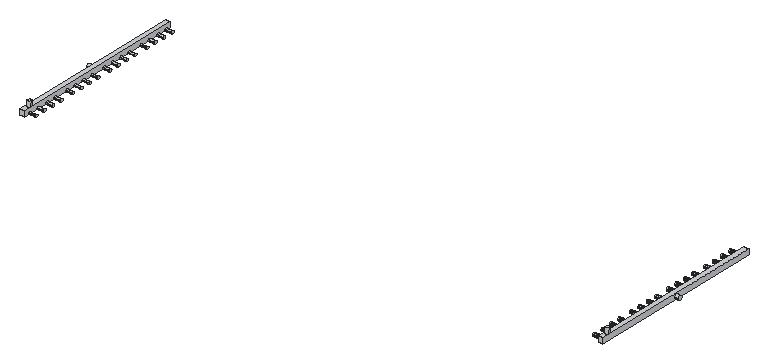
Revit family "INFRA_AQUA_ECO_CONNECTOR_TYPE_4", category Mechanical Equipment, Revit 2015
Parameters (values of type "Type 4 L=4000")
  URL = "http://www.markclimate.co.uk/radiant-heating/water-supplied/infra-aqua-eco/"
  Type_index = 16
  Thickness = 30 mm
  Width = 1300 mm
  Pressure_loss = 0.0 psi
  Medium_overtemp_num [instance] = Average_water_temperature °C - Area_temperature °C  # 36
  Manufacturer = "MARK Climate Technology"  # constant formula
  Lookup_table_name [instance] = "Warmteafgiftetabel"  # constant formula
  Length = 4000 mm
  K [instance] = Average_water_temperature °C - Area_temperature °C  # 36
  Height = 40 mm
  Heating_output_num [instance] = size_lookup(Lookup_table_name, "PHR4", 0, Medium_overtemp_num)  # 480
  Heating_output [instance] = Length / 1000 mm * Heating_output_num * 1 W  # 1920 W
  Flow = Type_index * 0.04 L/s  # 0.64 L/s
  Drain_point [instance] = yes
  Description = "Connector type 4"  # constant formula
  Average_water_temperature °C [instance] = 54
  Area_temperature °C [instance] = 18
Types (3, lengths in mm): name | Length | Heating_output
  (no name) | 4000 | 1920 W
  Type 4 L=4000 | 4000 | 1920 W
  Type 4 L=6000 | 6000 | 2880 W
Reference planes
  plane 1 "Center (Front/Back)": y = 0
  plane 2: z = 0
  plane 3 "Center (Left/Right)": x = 0
  plane 4: y = 38.85
  plane 5: y = 113.9
  plane 6: y = -36.15
  plane 7: y = -111.15
  plane 8: y = 497
  plane 9: y = -92.5
  plane 10: x = 30
  plane 11: y = 1147
  plane 12: y = -153
  plane 13: z = 28
  plane 14: z = -12
  plane 15: x = 82.5
  plane 16: x = 4082.5
  plane 17: x = 4135
  plane 18: x = 4165
  plane 19: z = -3.6
  plane 20: y = 443.9
  plane 21: y = 368.9
  plane 22: y = 293.9
  plane 23: y = 218.9
  plane 24: y = 775.2
  plane 25: y = 700.2
  plane 26: y = 625.2
  plane 27: y = 550.2
  plane 28: y = 1106.5
  plane 29: y = 1031.5
  plane 30: y = 956.5
  plane 31: y = 881.5
Forms (mm)
  Extrusion 1, solid
    sketch origin (12, 0, 0) x (1, 0, 0) y (0, 1, 0)
      loop
        line (18, 1147) -> (-12, 1147) -> (-12, -153) -> (18, -153) -> (18, 1147)
    from -12 to 28
  Extrusion 2, solid
    sketch origin (0, -23.74, -23.5) x (0, 1, 0) y (0, 0, 1)
      loop
        circle (137.64, 19.9) r 7.5
      loop
        circle (62.59, 19.9) r 7.5
      loop
        circle (-12.41, 19.9) r 7.5
      loop
        circle (-87.41, 19.9) r 7.5
      loop
        circle (242.64, 19.9) r 7.5
      loop
        circle (317.64, 19.9) r 7.5
      loop
        circle (467.64, 19.9) r 7.5
      loop
        circle (392.64, 19.9) r 7.5
      loop
        circle (573.94, 19.9) r 7.5
      loop
        circle (723.94, 19.9) r 7.5
      loop
        circle (648.94, 19.9) r 7.5
      loop
        circle (798.94, 19.9) r 7.5
      loop
        circle (905.24, 19.9) r 7.5
      loop
        circle (980.24, 19.9) r 7.5
      loop
        circle (1055.24, 19.9) r 7.5
      loop
        circle (1130.24, 19.9) r 7.5
    from 30 to 82.5
  Extrusion 3, solid
    sketch origin (0, 0, -12) x (0, 1, 0) y (0, 0, 1)
      loop
        circle (497, 20) r 13.5
    from -32.5 to 0
  Extrusion 4, solid
    sketch origin (582, 0, 0) x (1, 0, 0) y (0, 1, 0)
      loop
        line (3583, 1147) -> (3553, 1147) -> (3553, -153) -> (3583, -153) -> (3583, 1147)
    from -12 to 28
  Extrusion 5, solid
    sketch origin (487.5, 0.5, -23.5) x (0, 1, 0) y (0, 0, 1)
      loop
        circle (113.4, 19.9) r 7.5
      loop
        circle (38.35, 19.9) r 7.5
      loop
        circle (-36.65, 19.9) r 7.5
      loop
        circle (-111.65, 19.9) r 7.5
      loop
        circle (218.4, 19.9) r 7.5
      loop
        circle (293.4, 19.9) r 7.5
      loop
        circle (368.4, 19.9) r 7.5
      loop
        circle (443.4, 19.9) r 7.5
      loop
        circle (624.7, 19.9) r 7.5
      loop
        circle (549.7, 19.9) r 7.5
      loop
        circle (699.7, 19.9) r 7.5
      loop
        circle (774.7, 19.9) r 7.5
      loop
        circle (881, 19.9) r 7.5
      loop
        circle (956, 19.9) r 7.5
      loop
        circle (1031, 19.9) r 7.5
      loop
        circle (1106, 19.9) r 7.5
    from 3595 to 3647.5
  Extrusion 6, solid
    sketch origin (696.5, 0, -12) x (0, 1, 0) y (0, 0, 1)
      loop
        circle (497, 20) r 13.5
    from 3468.5 to 3500.5
  Extrusion 7, solid, visible <- "Drain_point"
    sketch origin (0, 0, 0) x (1, 0, 0) y (0, 1, 0)
      loop
        circle (15, -93) r 13
      loop
        circle (4150, -93) r 13
    from 28 to 62
Dimensions and locks
  "Thickness": plane 3 "Center (Left/Right)" to plane 10
  "Height": plane 13 to plane 14
  locked: plane 10 to plane 15 at 52.5
  locked: Extrusion 3 to plane 3 "Center (Left/Right)" at 32.5
  locked: plane 16 to plane 17 at 52.5
  "Thickness": plane 17 to plane 18
  locked: Extrusion 4 to Extrusion 6 at 32
  "Length": plane 15 to plane 16
  plane 23 to plane 5 = 105 mm
  plane 27 to plane 20 = 106.3 mm
  "Width": plane 11 to plane 12
  plane 7 to plane 12 = 41.85 mm
  plane 6 to plane 7 = 75 mm
  plane 4 to plane 6 = 75 mm
  plane 5 to plane 4 = 75.05 mm
  equal spacing: plane 11, plane 8, plane 12
  equal spacing: Extrusion 1, Extrusion 7 sketch curve, Extrusion 1
  Extrusion 7 sketch curve to plane 12 = 60 mm  (x2)
  equal spacing: Extrusion 4, Extrusion 7 sketch curve, Extrusion 4
  aligned and locked: level to plane 2
  aligned and locked: plane 10 to Extrusion 1
  aligned and locked: Extrusion 1 to plane 12
  aligned and locked: Extrusion 1 to plane 13
  aligned and locked: plane 15 to Extrusion 2
  aligned and locked: Extrusion 2 to plane 10
  aligned and locked: Extrusion 5 to plane 16
  aligned and locked: plane 18 to Extrusion 4
  aligned and locked: Extrusion 4 to plane 12
  aligned and locked: plane 17 to Extrusion 5
  aligned and locked: plane 16 to nested 4
  aligned and locked: plane 16 to nested 3
  aligned and locked: plane 16 to nested 1
  aligned and locked: plane 16 to nested 2
  aligned and locked: Extrusion 6 to Extrusion 4
  aligned and locked: plane 16 to nested 6
  aligned and locked: plane 16 to nested 8
  aligned and locked: plane 16 to nested 7
  aligned and locked: plane 16 to nested 5
  aligned and locked: plane 16 to Extrusion 5  (x6)
  aligned and locked: Extrusion 2 to plane 15
  aligned and locked: plane 16 to nested 12
  aligned and locked: plane 16 to nested 11
  aligned and locked: plane 16 to nested 10
  aligned and locked: plane 16 to nested 9
  aligned and locked: plane 11 to Extrusion 1
  aligned and locked: plane 11 to Extrusion 4
  aligned and locked: plane 16 to nested 16
  aligned and locked: plane 16 to nested 15
  aligned and locked: plane 16 to nested 14
  aligned and locked: plane 16 to nested 13
  aligned and locked: Extrusion 7 to Extrusion 1
  aligned and locked: nested 1 to plane 5
  aligned and locked: nested 2 to plane 4
  aligned and locked: nested 3 to plane 6
  aligned and locked: nested 4 to plane 7
  aligned and locked: nested 16 to plane 28
  aligned and locked: nested 15 to plane 29
  aligned and locked: nested 14 to plane 30
  aligned and locked: nested 13 to plane 31
  aligned and locked: nested 12 to plane 24
  aligned and locked: plane 25 to nested 11
  aligned and locked: nested 10 to plane 26
  aligned and locked: plane 27 to nested 9
  aligned and locked: nested 6 to plane 20
  aligned and locked: nested 8 to plane 21
  aligned and locked: plane 22 to nested 7
  aligned and locked: nested 5 to plane 23
Automatic sketch dimensions
  Extrusion 3 sketch curve to plane 8 = 0 mm
  level to Extrusion 3 sketch curve = 8 mm
  Extrusion 6 sketch curve to plane 8 = 0 mm
  level to Extrusion 6 sketch curve = 8 mm
  Extrusion 4 sketch curve to plane 17 = 0 mm
  Extrusion 4 sketch curve to plane 12 = 0 mm
  Extrusion 4 sketch curve to plane 18 = 0 mm
  plane 11 to Extrusion 4 sketch curve = 0 mm
  Extrusion 1 sketch curve to plane 3 "Center (Left/Right)" = 0 mm
  Extrusion 1 sketch curve to plane 10 = 0 mm
  Extrusion 1 sketch curve to plane 12 = 0 mm
  plane 11 to Extrusion 1 sketch curve = 0 mm
  Extrusion 5 sketch curve to plane 7 = 0 mm
  Extrusion 5 sketch curve to plane 6 = 0 mm
  Extrusion 5 sketch curve to plane 4 = 0 mm
  Extrusion 5 sketch curve to plane 5 = 0 mm
  Extrusion 5 sketch curve to plane 19 = 0 mm  (x12)
  Extrusion 5 sketch curve to plane 23 = 0 mm
  Extrusion 5 sketch curve to plane 22 = 0 mm
  Extrusion 5 sketch curve to plane 21 = 0 mm
  Extrusion 5 sketch curve to plane 20 = 0 mm
  Extrusion 5 sketch curve to plane 27 = 0 mm
  Extrusion 5 sketch curve to plane 26 = 0 mm
  Extrusion 5 sketch curve to plane 25 = 0 mm
  Extrusion 5 sketch curve to plane 24 = 0 mm
  plane 19 to Extrusion 5 sketch curve = 0 mm  (x4)
  Extrusion 5 sketch curve to plane 31 = 0 mm
  Extrusion 5 sketch curve to plane 30 = 0 mm
  Extrusion 5 sketch curve to plane 29 = 0 mm
  Extrusion 5 sketch curve to plane 28 = 0 mm
  plane 7 to Extrusion 2 sketch curve = 0 mm
  plane 6 to Extrusion 2 sketch curve = 0 mm
  plane 4 to Extrusion 2 sketch curve = 0 mm
  plane 5 to Extrusion 2 sketch curve = 0 mm
  Extrusion 2 sketch curve to plane 19 = 0 mm  (x16)
  plane 23 to Extrusion 2 sketch curve = 0 mm
  Extrusion 2 sketch curve to plane 22 = 0 mm
  plane 21 to Extrusion 2 sketch curve = 0 mm
  plane 20 to Extrusion 2 sketch curve = 0 mm
  Extrusion 2 sketch curve to plane 27 = 0 mm
  plane 26 to Extrusion 2 sketch curve = 0 mm
  Extrusion 2 sketch curve to plane 25 = 0 mm
  plane 24 to Extrusion 2 sketch curve = 0 mm
  plane 31 to Extrusion 2 sketch curve = 0 mm
  plane 30 to Extrusion 2 sketch curve = 0 mm
  plane 29 to Extrusion 2 sketch curve = 0 mm
  plane 28 to Extrusion 2 sketch curve = 0 mm
  radius of Extrusion 3 sketch curve = 13.5 mm
  radius of Extrusion 6 sketch curve = 13.5 mm
  radius of Extrusion 5 sketch curve = 7.5 mm  (x16)
  radius of Extrusion 2 sketch curve = 7.5 mm  (x16)
  radius of Extrusion 7 sketch curve = 13 mm  (x2)
Nested families
  nested 1: "NLRS_50_PIF_UN_perskoppeling_MARK" at (4082.5, 113.9, -3.6), type "ø15"
    with artikelnummer "", GTIN_Code "", EAN_code ""
  nested 2: "NLRS_50_PIF_UN_perskoppeling_MARK" at (4082.5, 38.85, -3.6), type "ø15"
    with artikelnummer "", GTIN_Code "", EAN_code ""
  nested 3: "NLRS_50_PIF_UN_perskoppeling_MARK" at (4082.5, -36.15, -3.6), type "ø15"
    with artikelnummer "", GTIN_Code "", EAN_code ""
  nested 4: "NLRS_50_PIF_UN_perskoppeling_MARK" at (4082.5, -111.15, -3.6), type "ø15"
    with artikelnummer "", GTIN_Code "", EAN_code ""
  nested 5: "NLRS_50_PIF_UN_perskoppeling_MARK" at (4082.5, 218.9, -3.6), type "ø15"
    with artikelnummer "", GTIN_Code "", EAN_code ""
  nested 6: "NLRS_50_PIF_UN_perskoppeling_MARK" at (4082.5, 443.9, -3.6), type "ø15"
    with artikelnummer "", GTIN_Code "", EAN_code ""
  nested 7: "NLRS_50_PIF_UN_perskoppeling_MARK" at (4082.5, 293.9, -3.6), type "ø15"
    with artikelnummer "", GTIN_Code "", EAN_code ""
  nested 8: "NLRS_50_PIF_UN_perskoppeling_MARK" at (4082.5, 368.9, -3.6), type "ø15"
    with artikelnummer "", GTIN_Code "", EAN_code ""
  nested 9: "NLRS_50_PIF_UN_perskoppeling_MARK" at (4082.5, 550.2, -3.6), type "ø15"
    with artikelnummer "", GTIN_Code "", EAN_code ""
  nested 10: "NLRS_50_PIF_UN_perskoppeling_MARK" at (4082.5, 625.2, -3.6), type "ø15"
    with artikelnummer "", GTIN_Code "", EAN_code ""
  nested 11: "NLRS_50_PIF_UN_perskoppeling_MARK" at (4082.5, 700.2, -3.6), type "ø15"
    with artikelnummer "", GTIN_Code "", EAN_code ""
  nested 12: "NLRS_50_PIF_UN_perskoppeling_MARK" at (4082.5, 775.2, -3.6), type "ø15"
    with artikelnummer "", GTIN_Code "", EAN_code ""
  nested 13: "NLRS_50_PIF_UN_perskoppeling_MARK" at (4082.5, 881.5, -3.6), type "ø15"
    with artikelnummer "", GTIN_Code "", EAN_code ""
  nested 14: "NLRS_50_PIF_UN_perskoppeling_MARK" at (4082.5, 956.5, -3.6), type "ø15"
    with artikelnummer "", GTIN_Code "", EAN_code ""
  nested 15: "NLRS_50_PIF_UN_perskoppeling_MARK" at (4082.5, 1031.5, -3.6), type "ø15"
    with artikelnummer "", GTIN_Code "", EAN_code ""
  nested 16: "NLRS_50_PIF_UN_perskoppeling_MARK" at (4082.5, 1106.5, -3.6), type "ø15"
    with artikelnummer "", GTIN_Code "", EAN_code ""
Connectors
  piping at (-32.5, 497, 8), diameter 27
    settings: on Extrusion 3, index 1, connector inside diameter 609.6 mm, connector length 0 mm, flow factor 0, pipe flow 0.0 L/s, pressure drop 0.0 psi, fitting loss kfactor 0, connector angle 0.00°, fixture units 0, engagement length 0 mm, angle of deflection 0.00°, flow configuration 0, flow direction 0, fitting loss method 0, system type 7, joint type 0, gender type 0, connector reference index -1, connector utility 0, adjustable connector no, is connector primary yes, connector description ""
  piping at (4197, 497, 8), diameter 27
    settings: on Extrusion 6, index 3, connector inside diameter 609.6 mm, connector length 0 mm, flow factor 0, pipe flow 0.0 L/s, pressure drop 0.0 psi, fitting loss kfactor 0, connector angle 0.00°, fixture units 0, engagement length 0 mm, angle of deflection 0.00°, flow configuration 0, flow direction 0, fitting loss method 0, system type 8, joint type 0, gender type 0, connector reference index -1, connector utility 0, adjustable connector no, is connector primary no, connector description ""
  piping at (4197, 497, 8), diameter 27
    settings: on Extrusion 6, index 4, connector inside diameter 609.6 mm, connector length 0 mm, flow factor 0, pipe flow 0.0 L/s, pressure drop 0.0 psi, fitting loss kfactor 0, connector angle 0.00°, fixture units 0, engagement length 0 mm, angle of deflection 0.00°, flow configuration 0, flow direction 0, fitting loss method 0, system type 8, joint type 0, gender type 0, connector reference index -1, connector utility 0, adjustable connector no, is connector primary no, connector description ""
Definition of nested family "NLRS_50_PIF_UN_perskoppeling_MARK"
  Parameters (values of type "ø15")
    type_index = 0
    Radius = 7.5 mm
    product_serie = ""
    material_index = 0
    Lenght = 30 mm
    artikelnummer [instance] = ""
    Type Comments = ""
    NLRS_C_materiaal = none
    Model = "LOD400"
    Manufacturer = "Mark Climate Technology"  # constant formula
    IfcExportType = "UNION"  # constant formula
    IfcExportAs = "IfcPipeFitting"  # constant formula
    IfcDescription = Description  # "Press connection"
    GTIN_Code [instance] = ""
    EAN_code [instance] = ""
    Description = "Press connection"  # constant formula
    Date_last_modification = ""
  Reference planes
    plane 1 "Center (Front/Back)": y = 0
    plane 2: z = 0
    plane 3 "Center (Left/Right)": x = 0
  Forms (mm)
    Revolve 1, solid, material <- "NLRS_C_materiaal"
      sketch origin (0, 0, 0) x (1, 0, 0) y (0, 1, 0)
        loop
          line (-15, 7.5) -> (15, 7.5) -> (15, 9)
          arc (15, 9) -> (14, 10) -> (13, 9) r 1
          line (13, 9) -> (13, 8) -> (0.5, 8) -> (0.5, 9)
          arc (0.5, 9) -> (0, 9.5) -> (-0.5, 9) r 0.5
          line (-0.5, 9) -> (-0.5, 8) -> (-13, 8) -> (-13, 9)
          arc (-13, 9) -> (-14, 10) -> (-15, 9) r 1
          line (-15, 9) -> (-15, 7.5)
        axis (-15, 0) -> (15, 0)
      angle from 0 to 360
  Text (mm)
    text "®  Itannex" at (-0.074, 40.744, 0), in view "Ref. Level"
  Dimensions and locks
    "Radius": plane 1 "Center (Front/Back)" to Revolve 1 sketch curve
    Revolve 1 sketch curve to Revolve 1 sketch curve = 0.5 mm
    equal spacing: Revolve 1 sketch curve, plane 3 "Center (Left/Right)", Revolve 1 sketch curve
    Revolve 1 sketch curve to Revolve 1 sketch curve = 1.5 mm  (x3)
    "Lenght": Revolve 1 sketch curve to Revolve 1 sketch curve
    aligned and locked: level to plane 2
  Automatic sketch dimensions
    plane 1 "Center (Front/Back)" to Revolve 1 sketch curve = 0 mm
    Revolve 1 sketch curve to plane 3 "Center (Left/Right)" = 0 mm
    Revolve 1 sketch curve to Revolve 1 sketch curve = 1 mm  (x2)
    Revolve 1 sketch curve to plane 3 "Center (Left/Right)" = 0.5 mm
    Revolve 1 sketch curve to Revolve 1 sketch curve = 2 mm
    Revolve 1 sketch curve to Revolve 1 sketch curve = 3.224 mm
    Revolve 1 sketch curve to Revolve 1 sketch curve = 5.775 mm
